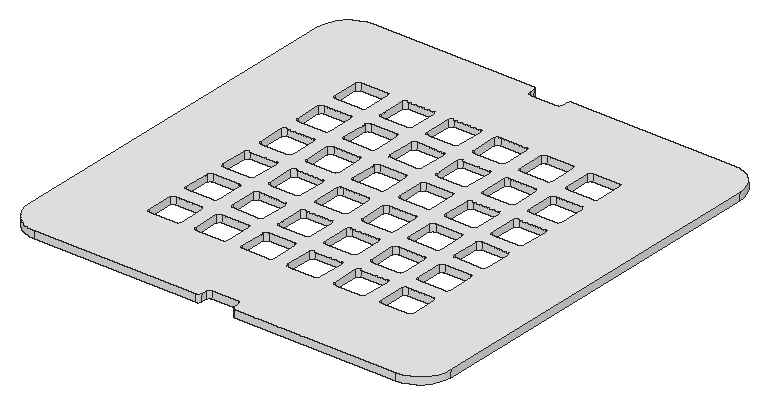
Revit family "IS_UltraFlatS_Multiproduct_BIM_IT_KV169BJ;KV169FS;KV169FR;KV169FT;KV169FV;KV169FU", category Plumbing Fixtures, host Face, Revit 2015
Parameters (values of type "KV169BJ - ULTRA FLAT S COPRI PILETTA ACCIAIO")
  WFU = 0
  VersioneClassificazioneUni2015 = "Products v1.1"
  Versione = "1"
  ValoreDellaSuperficie = "n/a"
  UnitàVolume = "Litri"
  UnitàSuperficie = "n/a"
  UnitàMonetaria = "n/a"
  UnitàLineare = "mm"
  UnitàDurataGaranzia = "anni"
  UnitàDurata = "anni"
  URL = "www.idealstandard.it"
  Type Comments = "n/a"
  TipologiaVaso = "n/a"
  TipoEspotazioneIfc = "Shower trays"
  TipoDiDato = "n/a"
  Tipo = ""
  Telefono = "800 652 290"
  SpessoreDelMateriale = 0
  Spazio = "interno"
  Sostenibilità = "n/a"
  RiferimentoClassificazioneUni2015 = "Pr_40_20_06_84"
  Riferimento = "n/a"
  Revisione = "n/a"
  ProfonditàNominale = 0 mm
  Produttore = "www.idealstandard.it"
  PiattoDoccia = no
  PesoNetto = "0 Kg"
  PesoLordo = "n/a"
  PartiDiRicambio = "n/a"
  NumeroDiModello = "KV169BJ"
  NomeOggettoBim = "ISI_IdealStandard_ShowerTrays_Ultraflat_KV169BJ"
  Nome = "ShowerTrays_Ultraflat_KV169BJ_IdealStandard"
  ModelloDiRiferimento = "Ultra Flat S Copri Piletta Acciaio"
  Model = "KV169BJ"
  Materiale = "n/a"
  Material = IS_RenderMaterial_Chrome - Polished
  Manufacturer = "info@idealstandard.it"
  LunghezzaNominale = 123 mm
  LarghezzaNominale = 123 mm
  Keynote = "n/a"
  InstruzioniInstallazione = "www.idealstandard.it/prodotti/html"
  InformazioniGaranzia = "www.idealstandard.it/garanzia.html"
  InformazioniDiProdotto = "www.idealstandard.it/prodotti/html"
  InformaziniGaranzia = "www.idealstandard.it/garanzia.html"
  IfcEsportaCome = "IfcSanitaryTerminalType"
  HWFU = 0
  Grado = "n/a"
  GaranziaInstallazione = "n/a"
  Garanzia = "Garanzia Idealstandard"
  Forma = "n/a"
  Finitura = "Bianco"
  DurataGaranziaProdotti = "n/a"
  DurataGaranziaLegale = "n/a"
  DurataGaranzia = "n/a"
  DistribuitoDa = "n/a"
  DimensioneScarico = 0
  Dimensione = "123 x 123 x 2 mm"
  Desrizione = ""
  DescrizioneClassifcazioneUni2015 = "Shower trays"
  Description = "Ultra Flat S Copri Piletta Acciaio"
  Default Elevation = 0 mm
  Creato = "2017-02-06"
  CostoDiSostituzione = 0
  Cost = 0
  Connessione = "Installazione"
  Componenti = "n/a"
  Colore = "Bianco"
  CodiceRiferimento = "n/a"
  CodiceDiPrestazione = "n/a"
  CodiceArticolo = "n/a"
  CodiceABarre = "n/a"
  CicloDiVitaDelProdotto = "n/a"
  Caratteristiche = "n/a"
  CWFU = 0
  Brand = "Ideal Standard"
  Autore = "Ideal Standard Italia"
  Assembly Code = "C1030200"
  AltezzaNominale = 2 mm
  Aiuto = "info@idealstandard.it"
  Accessori = "www.idealstandard.it"
  Accesso = "n/a"
Types (6, lengths in mm): name | NumeroDiModello | NomeOggettoBim | Nome | ModelloDiRiferimento | Model | Material | Description
  KV169BJ - ULTRA FLAT S COPRI PILETTA ACCIAIO | "KV169BJ" | "ISI_IdealStandard_ShowerTrays_Ultraflat_KV169BJ" | "ShowerTrays_Ultraflat_KV169BJ_IdealStandard" | "Ultra Flat S Copri Piletta Acciaio" | "KV169BJ" | IS_RenderMaterial_Chrome - Polished | "Ultra Flat S Copri Piletta Acciaio"
  KV169FT - ULTRAFLAT S GRIGLIA DI SCARICO SABBIA | "KV169FT" | "ISI_IdealStandard_ShowerTrays_Ultraflat_KV169FT" | "ShowerTrays_Ultraflat_KV169FT_IdealStandard" | "Ultraflat S Griglia Di Scarico Sabbia" | "KV169FT" | ISI_IdealStandard_ShowerTray_Sand_Render | "Ultraflat S Griglia Di Scarico Sabbia"
  KV169FV - ULTRAFLAT S GRIGLIA DI SCARICO NERA | "KV169FV" | "ISI_IdealStandard_ShowerTrays_Ultraflat_KV169FV" | "ShowerTrays_Ultraflat_KV169FV_IdealStandard" | "Ultraflat S Griglia Di Scarico Nera" | "KV169FV" | ISI_IdealStandard_ShowerTray_Black_Render | "Ultraflat S Griglia Di Scarico Nera"
  KV169FR - ULTRAFLAT S GRIGLIA DI SCARICO BIANCA | "KV169FR" | "ISI_IdealStandard_ShowerTrays_Ultraflat_KV169FR" | "ShowerTrays_Ultraflat_KV169FR_IdealStandard" | "Ultraflat S Griglia Di Scarico Bianca" | "KV169FR" | IS_RenderMaterial_VitreousChina | "Ultraflat S Griglia Di Scarico Bianca"
  KV169FU - ULTRAFLAT S GRIGLIA DI SCARICO MOKA | "KV169FU" | "ISI_IdealStandard_ShowerTrays_Ultraflat_KV169FU" | "ShowerTrays_Ultraflat_KV169FU_IdealStandard" | "Ultraflat S Griglia Di Scarico Moka" | "KV169FU" | ISI_IdealStandard_ShowerTray_Moka_Render | "Ultraflat S Griglia Di Scarico Moka"
  KV169FS - ULTRAFLAT S GRIGLIA DI GRIGIO CEMENTO | "KV169FS" | "ISI_IdealStandard_ShowerTrays_Ultraflat_KV169FS" | "ShowerTrays_Ultraflat_KV169FS_IdealStandard" | "Ultraflat S Griglia Di Grigio Cemento" | "KV169FS" | ISI_IdealStandard_ShowerTray_Grey_Render | "Ultraflat S Griglia Di Grigio Cemento"
Reference planes
  plane 1 "Center (Front/Back)": y = 0
  plane 2: z = 0
  plane 3 "Center (Left/Right)": x = 0
  plane 4: z = 2
  plane 5: x = -61.5
  plane 6: x = 61.5
  plane 7: y = -123
Forms (mm)
  Extrusion 1, solid, material "IS_RenderMaterial_Chrome - Polished" <- "Material"
    sketch origin (0, 0, 0) x (1, 0, 0) y (0, 1, 0)
      loop
        line (-5.75, 0) -> (-52.5, 0)
        arc (-52.5, 0) -> (-58.864, -2.636) -> (-61.5, -9) r 9
        line (-61.5, -9) -> (-61.5, -114)
        arc (-61.5, -114) -> (-58.864, -120.364) -> (-52.5, -123) r 9
        line (-52.5, -123) -> (-5.75, -123)
        arc (-5.75, -123) -> (-5.043, -122.707) -> (-4.75, -122) r 1
        line (-4.75, -122) -> (-4.75, -120.5)
        arc (-4.75, -120.5) -> (-4.457, -119.793) -> (-3.75, -119.5) r 1
        line (-3.75, -119.5) -> (3.75, -119.5)
        arc (3.75, -119.5) -> (4.457, -119.793) -> (4.75, -120.5) r 1
        line (4.75, -120.5) -> (4.75, -122)
        arc (4.75, -122) -> (5.043, -122.707) -> (5.75, -123) r 1
        line (5.75, -123) -> (52.5, -123)
        arc (52.5, -123) -> (58.864, -120.364) -> (61.5, -114) r 9
        line (61.5, -114) -> (61.5, -9)
        arc (61.5, -9) -> (58.864, -2.636) -> (52.5, 0) r 9
        line (52.5, 0) -> (5.75, 0)
        arc (5.75, 0) -> (5.043, -0.293) -> (4.75, -1) r 1
        line (4.75, -1) -> (4.75, -2.5)
        arc (4.75, -2.5) -> (4.457, -3.207) -> (3.75, -3.5) r 1
        line (3.75, -3.5) -> (-3.75, -3.5)
        arc (-3.75, -3.5) -> (-4.457, -3.207) -> (-4.75, -2.5) r 1
        line (-4.75, -2.5) -> (-4.75, -1)
        arc (-4.75, -1) -> (-5.043, -0.293) -> (-5.75, 0) r 1
      loop
        line (-37.5, -32.5) -> (-30, -32.5)
        arc (-30, -32.5) -> (-29.293, -32.207) -> (-29, -31.5) r 1
        line (-29, -31.5) -> (-29, -24)
        arc (-29, -24) -> (-29.293, -23.293) -> (-30, -23) r 1
        line (-30, -23) -> (-37.5, -23)
        arc (-37.5, -23) -> (-38.207, -23.293) -> (-38.5, -24) r 1
        line (-38.5, -24) -> (-38.5, -31.5)
        arc (-38.5, -31.5) -> (-38.207, -32.207) -> (-37.5, -32.5) r 1
      loop
        arc (-25, -31.5) -> (-24.707, -32.207) -> (-24, -32.5) r 1
        line (-24, -32.5) -> (-16.5, -32.5)
        arc (-16.5, -32.5) -> (-15.793, -32.207) -> (-15.5, -31.5) r 1
        line (-15.5, -31.5) -> (-15.5, -24)
        arc (-15.5, -24) -> (-15.793, -23.293) -> (-16.5, -23) r 1
        line (-16.5, -23) -> (-24, -23)
        arc (-24, -23) -> (-24.707, -23.293) -> (-25, -24) r 1
        line (-25, -24) -> (-25, -31.5)
      loop
        arc (-15.5, -37.5) -> (-15.793, -36.793) -> (-16.5, -36.5) r 1
        line (-16.5, -36.5) -> (-24, -36.5)
        arc (-24, -36.5) -> (-24.707, -36.793) -> (-25, -37.5) r 1
        line (-25, -37.5) -> (-25, -45)
        arc (-25, -45) -> (-24.707, -45.707) -> (-24, -46) r 1
        line (-24, -46) -> (-16.5, -46)
        arc (-16.5, -46) -> (-15.793, -45.707) -> (-15.5, -45) r 1
        line (-15.5, -45) -> (-15.5, -37.5)
      loop
        arc (-30, -46) -> (-29.293, -45.707) -> (-29, -45) r 1
        line (-29, -45) -> (-29, -37.5)
        arc (-29, -37.5) -> (-29.293, -36.793) -> (-30, -36.5) r 1
        line (-30, -36.5) -> (-37.5, -36.5)
        arc (-37.5, -36.5) -> (-38.207, -36.793) -> (-38.5, -37.5) r 1
        line (-38.5, -37.5) -> (-38.5, -45)
        arc (-38.5, -45) -> (-38.207, -45.707) -> (-37.5, -46) r 1
        line (-37.5, -46) -> (-30, -46)
      loop
        arc (-11.5, -45) -> (-11.207, -45.707) -> (-10.5, -46) r 1
        line (-10.5, -46) -> (-3, -46)
        arc (-3, -46) -> (-2.293, -45.707) -> (-2, -45) r 1
        line (-2, -45) -> (-2, -37.5)
        arc (-2, -37.5) -> (-2.293, -36.793) -> (-3, -36.5) r 1
        line (-3, -36.5) -> (-10.5, -36.5)
        arc (-10.5, -36.5) -> (-11.207, -36.793) -> (-11.5, -37.5) r 1
        line (-11.5, -37.5) -> (-11.5, -45)
      loop
        line (-11.5, -24) -> (-11.5, -31.5)
        arc (-11.5, -31.5) -> (-11.207, -32.207) -> (-10.5, -32.5) r 1
        line (-10.5, -32.5) -> (-3, -32.5)
        arc (-3, -32.5) -> (-2.293, -32.207) -> (-2, -31.5) r 1
        line (-2, -31.5) -> (-2, -24)
        arc (-2, -24) -> (-2.293, -23.293) -> (-3, -23) r 1
        line (-3, -23) -> (-10.5, -23)
        arc (-10.5, -23) -> (-11.207, -23.293) -> (-11.5, -24) r 1
      loop
        arc (2, -31.5) -> (2.293, -32.207) -> (3, -32.5) r 1
        line (3, -32.5) -> (10.5, -32.5)
        arc (10.5, -32.5) -> (11.207, -32.207) -> (11.5, -31.5) r 1
        line (11.5, -31.5) -> (11.5, -24)
        arc (11.5, -24) -> (11.207, -23.293) -> (10.5, -23) r 1
        line (10.5, -23) -> (3, -23)
        arc (3, -23) -> (2.293, -23.293) -> (2, -24) r 1
        line (2, -24) -> (2, -31.5)
      loop
        line (10.5, -36.5) -> (3, -36.5)
        arc (3, -36.5) -> (2.293, -36.793) -> (2, -37.5) r 1
        line (2, -37.5) -> (2, -45)
        arc (2, -45) -> (2.293, -45.707) -> (3, -46) r 1
        line (3, -46) -> (10.5, -46)
        arc (10.5, -46) -> (11.207, -45.707) -> (11.5, -45) r 1
        line (11.5, -45) -> (11.5, -37.5)
        arc (11.5, -37.5) -> (11.207, -36.793) -> (10.5, -36.5) r 1
      loop
        arc (-37.5, -77) -> (-38.207, -77.293) -> (-38.5, -78) r 1
        line (-38.5, -78) -> (-38.5, -85.5)
        arc (-38.5, -85.5) -> (-38.207, -86.207) -> (-37.5, -86.5) r 1
        line (-37.5, -86.5) -> (-30, -86.5)
        arc (-30, -86.5) -> (-29.293, -86.207) -> (-29, -85.5) r 1
        line (-29, -85.5) -> (-29, -78)
        arc (-29, -78) -> (-29.293, -77.293) -> (-30, -77) r 1
        line (-30, -77) -> (-37.5, -77)
      loop
        line (-37.5, -73) -> (-30, -73)
        arc (-30, -73) -> (-29.293, -72.707) -> (-29, -72) r 1
        line (-29, -72) -> (-29, -64.5)
        arc (-29, -64.5) -> (-29.293, -63.793) -> (-30, -63.5) r 1
        line (-30, -63.5) -> (-37.5, -63.5)
        arc (-37.5, -63.5) -> (-38.207, -63.793) -> (-38.5, -64.5) r 1
        line (-38.5, -64.5) -> (-38.5, -72)
        arc (-38.5, -72) -> (-38.207, -72.707) -> (-37.5, -73) r 1
      loop
        arc (-24, -63.5) -> (-24.707, -63.793) -> (-25, -64.5) r 1
        line (-25, -64.5) -> (-25, -72)
        arc (-25, -72) -> (-24.707, -72.707) -> (-24, -73) r 1
        line (-24, -73) -> (-16.5, -73)
        arc (-16.5, -73) -> (-15.793, -72.707) -> (-15.5, -72) r 1
        line (-15.5, -72) -> (-15.5, -64.5)
        arc (-15.5, -64.5) -> (-15.793, -63.793) -> (-16.5, -63.5) r 1
        line (-16.5, -63.5) -> (-24, -63.5)
      loop
        arc (-25, -85.5) -> (-24.707, -86.207) -> (-24, -86.5) r 1
        line (-24, -86.5) -> (-16.5, -86.5)
        arc (-16.5, -86.5) -> (-15.793, -86.207) -> (-15.5, -85.5) r 1
        line (-15.5, -85.5) -> (-15.5, -78)
        arc (-15.5, -78) -> (-15.793, -77.293) -> (-16.5, -77) r 1
        line (-16.5, -77) -> (-24, -77)
        arc (-24, -77) -> (-24.707, -77.293) -> (-25, -78) r 1
        line (-25, -78) -> (-25, -85.5)
      loop
        arc (-30, -100) -> (-29.293, -99.707) -> (-29, -99) r 1
        line (-29, -99) -> (-29, -91.5)
        arc (-29, -91.5) -> (-29.293, -90.793) -> (-30, -90.5) r 1
        line (-30, -90.5) -> (-37.5, -90.5)
        arc (-37.5, -90.5) -> (-38.207, -90.793) -> (-38.5, -91.5) r 1
        line (-38.5, -91.5) -> (-38.5, -99)
        arc (-38.5, -99) -> (-38.207, -99.707) -> (-37.5, -100) r 1
        line (-37.5, -100) -> (-30, -100)
      loop
        line (-25, -91.5) -> (-25, -99)
        arc (-25, -99) -> (-24.707, -99.707) -> (-24, -100) r 1
        line (-24, -100) -> (-16.5, -100)
        arc (-16.5, -100) -> (-15.793, -99.707) -> (-15.5, -99) r 1
        line (-15.5, -99) -> (-15.5, -91.5)
        arc (-15.5, -91.5) -> (-15.793, -90.793) -> (-16.5, -90.5) r 1
        line (-16.5, -90.5) -> (-24, -90.5)
        arc (-24, -90.5) -> (-24.707, -90.793) -> (-25, -91.5) r 1
      loop
        arc (-10.5, -90.5) -> (-11.207, -90.793) -> (-11.5, -91.5) r 1
        line (-11.5, -91.5) -> (-11.5, -99)
        arc (-11.5, -99) -> (-11.207, -99.707) -> (-10.5, -100) r 1
        line (-10.5, -100) -> (-3, -100)
        arc (-3, -100) -> (-2.293, -99.707) -> (-2, -99) r 1
        line (-2, -99) -> (-2, -91.5)
        arc (-2, -91.5) -> (-2.293, -90.793) -> (-3, -90.5) r 1
        line (-3, -90.5) -> (-10.5, -90.5)
      loop
        line (-10.5, -86.5) -> (-3, -86.5)
        arc (-3, -86.5) -> (-2.293, -86.207) -> (-2, -85.5) r 1
        line (-2, -85.5) -> (-2, -78)
        arc (-2, -78) -> (-2.293, -77.293) -> (-3, -77) r 1
        line (-3, -77) -> (-10.5, -77)
        arc (-10.5, -77) -> (-11.207, -77.293) -> (-11.5, -78) r 1
        line (-11.5, -78) -> (-11.5, -85.5)
        arc (-11.5, -85.5) -> (-11.207, -86.207) -> (-10.5, -86.5) r 1
      loop
        line (-10.5, -73) -> (-3, -73)
        arc (-3, -73) -> (-2.293, -72.707) -> (-2, -72) r 1
        line (-2, -72) -> (-2, -64.5)
        arc (-2, -64.5) -> (-2.293, -63.793) -> (-3, -63.5) r 1
        line (-3, -63.5) -> (-10.5, -63.5)
        arc (-10.5, -63.5) -> (-11.207, -63.793) -> (-11.5, -64.5) r 1
        line (-11.5, -64.5) -> (-11.5, -72)
        arc (-11.5, -72) -> (-11.207, -72.707) -> (-10.5, -73) r 1
      loop
        arc (-30, -59.5) -> (-29.293, -59.207) -> (-29, -58.5) r 1
        line (-29, -58.5) -> (-29, -51)
        arc (-29, -51) -> (-29.293, -50.293) -> (-30, -50) r 1
        line (-30, -50) -> (-37.5, -50)
        arc (-37.5, -50) -> (-38.207, -50.293) -> (-38.5, -51) r 1
        line (-38.5, -51) -> (-38.5, -58.5)
        arc (-38.5, -58.5) -> (-38.207, -59.207) -> (-37.5, -59.5) r 1
        line (-37.5, -59.5) -> (-30, -59.5)
      loop
        line (-25, -51) -> (-25, -58.5)
        arc (-25, -58.5) -> (-24.707, -59.207) -> (-24, -59.5) r 1
        line (-24, -59.5) -> (-16.5, -59.5)
        arc (-16.5, -59.5) -> (-15.793, -59.207) -> (-15.5, -58.5) r 1
        line (-15.5, -58.5) -> (-15.5, -51)
        arc (-15.5, -51) -> (-15.793, -50.293) -> (-16.5, -50) r 1
        line (-16.5, -50) -> (-24, -50)
        arc (-24, -50) -> (-24.707, -50.293) -> (-25, -51) r 1
      loop
        line (-11.5, -51) -> (-11.5, -58.5)
        arc (-11.5, -58.5) -> (-11.207, -59.207) -> (-10.5, -59.5) r 1
        line (-10.5, -59.5) -> (-3, -59.5)
        arc (-3, -59.5) -> (-2.293, -59.207) -> (-2, -58.5) r 1
        line (-2, -58.5) -> (-2, -51)
        arc (-2, -51) -> (-2.293, -50.293) -> (-3, -50) r 1
        line (-3, -50) -> (-10.5, -50)
        arc (-10.5, -50) -> (-11.207, -50.293) -> (-11.5, -51) r 1
      loop
        line (2, -51) -> (2, -58.5)
        arc (2, -58.5) -> (2.293, -59.207) -> (3, -59.5) r 1
        line (3, -59.5) -> (10.5, -59.5)
        arc (10.5, -59.5) -> (11.207, -59.207) -> (11.5, -58.5) r 1
        line (11.5, -58.5) -> (11.5, -51)
        arc (11.5, -51) -> (11.207, -50.293) -> (10.5, -50) r 1
        line (10.5, -50) -> (3, -50)
        arc (3, -50) -> (2.293, -50.293) -> (2, -51) r 1
      loop
        line (3, -73) -> (10.5, -73)
        arc (10.5, -73) -> (11.207, -72.707) -> (11.5, -72) r 1
        line (11.5, -72) -> (11.5, -64.5)
        arc (11.5, -64.5) -> (11.207, -63.793) -> (10.5, -63.5) r 1
        line (10.5, -63.5) -> (3, -63.5)
        arc (3, -63.5) -> (2.293, -63.793) -> (2, -64.5) r 1
        line (2, -64.5) -> (2, -72)
        arc (2, -72) -> (2.293, -72.707) -> (3, -73) r 1
      loop
        line (15.5, -64.5) -> (15.5, -72)
        arc (15.5, -72) -> (15.793, -72.707) -> (16.5, -73) r 1
        line (16.5, -73) -> (24, -73)
        arc (24, -73) -> (24.707, -72.707) -> (25, -72) r 1
        line (25, -72) -> (25, -64.5)
        arc (25, -64.5) -> (24.707, -63.793) -> (24, -63.5) r 1
        line (24, -63.5) -> (16.5, -63.5)
        arc (16.5, -63.5) -> (15.793, -63.793) -> (15.5, -64.5) r 1
      loop
        line (24, -77) -> (16.5, -77)
        arc (16.5, -77) -> (15.793, -77.293) -> (15.5, -78) r 1
        line (15.5, -78) -> (15.5, -85.5)
        arc (15.5, -85.5) -> (15.793, -86.207) -> (16.5, -86.5) r 1
        line (16.5, -86.5) -> (24, -86.5)
        arc (24, -86.5) -> (24.707, -86.207) -> (25, -85.5) r 1
        line (25, -85.5) -> (25, -78)
        arc (25, -78) -> (24.707, -77.293) -> (24, -77) r 1
      loop
        arc (11.5, -78) -> (11.207, -77.293) -> (10.5, -77) r 1
        line (10.5, -77) -> (3, -77)
        arc (3, -77) -> (2.293, -77.293) -> (2, -78) r 1
        line (2, -78) -> (2, -85.5)
        arc (2, -85.5) -> (2.293, -86.207) -> (3, -86.5) r 1
        line (3, -86.5) -> (10.5, -86.5)
        arc (10.5, -86.5) -> (11.207, -86.207) -> (11.5, -85.5) r 1
        line (11.5, -85.5) -> (11.5, -78)
      loop
        line (3, -100) -> (10.5, -100)
        arc (10.5, -100) -> (11.207, -99.707) -> (11.5, -99) r 1
        line (11.5, -99) -> (11.5, -91.5)
        arc (11.5, -91.5) -> (11.207, -90.793) -> (10.5, -90.5) r 1
        line (10.5, -90.5) -> (3, -90.5)
        arc (3, -90.5) -> (2.293, -90.793) -> (2, -91.5) r 1
        line (2, -91.5) -> (2, -99)
        arc (2, -99) -> (2.293, -99.707) -> (3, -100) r 1
      loop
        arc (15.5, -99) -> (15.793, -99.707) -> (16.5, -100) r 1
        line (16.5, -100) -> (24, -100)
        arc (24, -100) -> (24.707, -99.707) -> (25, -99) r 1
        line (25, -99) -> (25, -91.5)
        arc (25, -91.5) -> (24.707, -90.793) -> (24, -90.5) r 1
        line (24, -90.5) -> (16.5, -90.5)
        arc (16.5, -90.5) -> (15.793, -90.793) -> (15.5, -91.5) r 1
        line (15.5, -91.5) -> (15.5, -99)
      loop
        line (30, -100) -> (37.5, -100)
        arc (37.5, -100) -> (38.207, -99.707) -> (38.5, -99) r 1
        line (38.5, -99) -> (38.5, -91.5)
        arc (38.5, -91.5) -> (38.207, -90.793) -> (37.5, -90.5) r 1
        line (37.5, -90.5) -> (30, -90.5)
        arc (30, -90.5) -> (29.293, -90.793) -> (29, -91.5) r 1
        line (29, -91.5) -> (29, -99)
        arc (29, -99) -> (29.293, -99.707) -> (30, -100) r 1
      loop
        arc (37.5, -86.5) -> (38.207, -86.207) -> (38.5, -85.5) r 1
        line (38.5, -85.5) -> (38.5, -78)
        arc (38.5, -78) -> (38.207, -77.293) -> (37.5, -77) r 1
        line (37.5, -77) -> (30, -77)
        arc (30, -77) -> (29.293, -77.293) -> (29, -78) r 1
        line (29, -78) -> (29, -85.5)
        arc (29, -85.5) -> (29.293, -86.207) -> (30, -86.5) r 1
        line (30, -86.5) -> (37.5, -86.5)
      loop
        line (37.5, -63.5) -> (30, -63.5)
        arc (30, -63.5) -> (29.293, -63.793) -> (29, -64.5) r 1
        line (29, -64.5) -> (29, -72)
        arc (29, -72) -> (29.293, -72.707) -> (30, -73) r 1
        line (30, -73) -> (37.5, -73)
        arc (37.5, -73) -> (38.207, -72.707) -> (38.5, -72) r 1
        line (38.5, -72) -> (38.5, -64.5)
        arc (38.5, -64.5) -> (38.207, -63.793) -> (37.5, -63.5) r 1
      loop
        arc (24, -59.5) -> (24.707, -59.207) -> (25, -58.5) r 1
        line (25, -58.5) -> (25, -51)
        arc (25, -51) -> (24.707, -50.293) -> (24, -50) r 1
        line (24, -50) -> (16.5, -50)
        arc (16.5, -50) -> (15.793, -50.293) -> (15.5, -51) r 1
        line (15.5, -51) -> (15.5, -58.5)
        arc (15.5, -58.5) -> (15.793, -59.207) -> (16.5, -59.5) r 1
        line (16.5, -59.5) -> (24, -59.5)
      loop
        arc (29, -58.5) -> (29.293, -59.207) -> (30, -59.5) r 1
        line (30, -59.5) -> (37.5, -59.5)
        arc (37.5, -59.5) -> (38.207, -59.207) -> (38.5, -58.5) r 1
        line (38.5, -58.5) -> (38.5, -51)
        arc (38.5, -51) -> (38.207, -50.293) -> (37.5, -50) r 1
        line (37.5, -50) -> (30, -50)
        arc (30, -50) -> (29.293, -50.293) -> (29, -51) r 1
        line (29, -51) -> (29, -58.5)
      loop
        line (16.5, -46) -> (24, -46)
        arc (24, -46) -> (24.707, -45.707) -> (25, -45) r 1
        line (25, -45) -> (25, -37.5)
        arc (25, -37.5) -> (24.707, -36.793) -> (24, -36.5) r 1
        line (24, -36.5) -> (16.5, -36.5)
        arc (16.5, -36.5) -> (15.793, -36.793) -> (15.5, -37.5) r 1
        line (15.5, -37.5) -> (15.5, -45)
        arc (15.5, -45) -> (15.793, -45.707) -> (16.5, -46) r 1
      loop
        arc (29, -45) -> (29.293, -45.707) -> (30, -46) r 1
        line (30, -46) -> (37.5, -46)
        arc (37.5, -46) -> (38.207, -45.707) -> (38.5, -45) r 1
        line (38.5, -45) -> (38.5, -37.5)
        arc (38.5, -37.5) -> (38.207, -36.793) -> (37.5, -36.5) r 1
        line (37.5, -36.5) -> (30, -36.5)
        arc (30, -36.5) -> (29.293, -36.793) -> (29, -37.5) r 1
        line (29, -37.5) -> (29, -45)
      loop
        line (37.5, -23) -> (30, -23)
        arc (30, -23) -> (29.293, -23.293) -> (29, -24) r 1
        line (29, -24) -> (29, -31.5)
        arc (29, -31.5) -> (29.293, -32.207) -> (30, -32.5) r 1
        line (30, -32.5) -> (37.5, -32.5)
        arc (37.5, -32.5) -> (38.207, -32.207) -> (38.5, -31.5) r 1
        line (38.5, -31.5) -> (38.5, -24)
        arc (38.5, -24) -> (38.207, -23.293) -> (37.5, -23) r 1
      loop
        arc (25, -24) -> (24.707, -23.293) -> (24, -23) r 1
        line (24, -23) -> (16.5, -23)
        arc (16.5, -23) -> (15.793, -23.293) -> (15.5, -24) r 1
        line (15.5, -24) -> (15.5, -31.5)
        arc (15.5, -31.5) -> (15.793, -32.207) -> (16.5, -32.5) r 1
        line (16.5, -32.5) -> (24, -32.5)
        arc (24, -32.5) -> (24.707, -32.207) -> (25, -31.5) r 1
        line (25, -31.5) -> (25, -24)
    from 0 to 2
Dimensions and locks
  "LarghezzaNominale": plane 5 to plane 6
  "LunghezzaNominale": plane 7 to plane 1 "Center (Front/Back)"
  "AltezzaNominale": plane 4 to level
  aligned and locked: plane 2 to host face
  aligned and locked: level to host face
  aligned and locked: plane 4 to Extrusion 1
Automatic sketch dimensions
  host sketch curve to host sketch curve = 502.06 mm
  host sketch curve to host sketch curve = 581.319 mm
  Extrusion 1 sketch curve to plane 5 = 0 mm
  plane 1 "Center (Front/Back)" to Extrusion 1 sketch curve = 0 mm  (x2)
  plane 7 to Extrusion 1 sketch curve = 0 mm  (x2)
  Extrusion 1 sketch curve to plane 6 = 0 mm
  Extrusion 1 sketch curve to plane 5 = 9 mm  (x2)
  Extrusion 1 sketch curve to plane 5 = 23 mm
  Extrusion 1 sketch curve to Extrusion 1 sketch curve = 0 mm  (x49)
  Extrusion 1 sketch curve to Extrusion 1 sketch curve = 1 mm  (x120)
  Extrusion 1 sketch curve to Extrusion 1 sketch curve = 7.5 mm  (x52)
  Extrusion 1 sketch curve to Extrusion 1 sketch curve = 4 mm  (x54)
  Extrusion 1 sketch curve to plane 3 "Center (Left/Right)" = 5.75 mm  (x2)
  Extrusion 1 sketch curve to plane 3 "Center (Left/Right)" = 3 mm  (x12)
  plane 3 "Center (Left/Right)" to Extrusion 1 sketch curve = 2 mm  (x6)
  plane 3 "Center (Left/Right)" to Extrusion 1 sketch curve = 3.75 mm  (x2)
  plane 6 to Extrusion 1 sketch curve = 9 mm  (x2)
  Extrusion 1 sketch curve to Extrusion 1 sketch curve = 1.5 mm
  Extrusion 1 sketch curve to plane 7 = 23 mm  (x2)
  Extrusion 1 sketch curve to Extrusion 1 sketch curve = 2.5 mm
